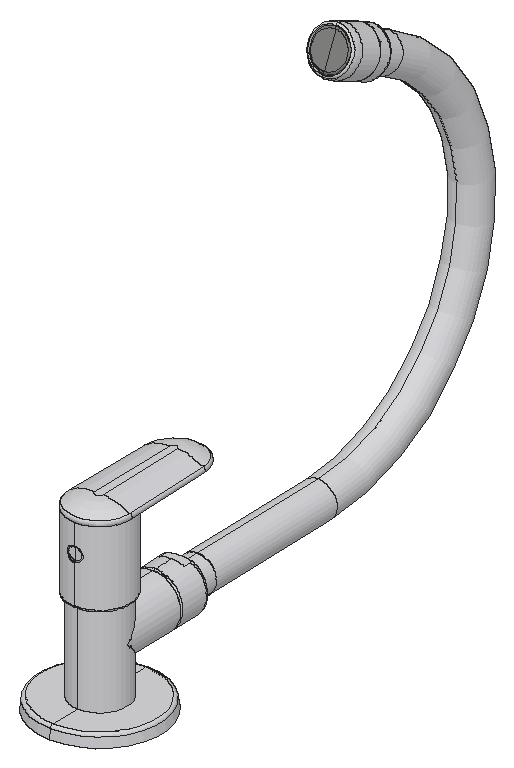
Revit family "Faucet-Wall_Mount-Kitchen-KOHLER-Kumin-K-99482IN_1", category Plumbing Fixtures, host Face, Revit 2017
Family settings
  Host = Face
  Round Connector Dimension = Use Diameter
  Part Type = Normal
  OmniClass Number = 23.31.11.00
  OmniClass Title = Faucets
  Cut with Voids When Loaded = No
  Shared = No
  Room Calculation Point = No
Parameters (values of type "CP-Polished Chrome")
  Width = 2 3/8"  # constant formula
  WaterSense Certified = 1 = 0  # no
  Waste Water Outlet = "Waste Water Outlet"  # constant formula
  Waste Connection = 1 = 0  # no
  Vent Connection = 1 = 0  # no
  URL = "https://www.kohler.co.in/\\"
  Type = 1
  Spout Reach = 7 5/8"  # constant formula
  Product Page URL = "https://www.kohler.co.in/product-detail/99482in-4?skuid=K-99482IN-4-CP"
  Product Name = "Kumin"  # constant formula
  Product Documentation Link = ""
  Pressure = 43.51 psi  # constant formula
  Model = "K-99482IN-4-CP"  # constant formula
  Material = "Premium Metal Construction"  # constant formula
  Master Format 2014 Name = "Residential Faucets, Supplies, and Trim"  # constant formula
  Master Format 2014 = "22 41 39"  # constant formula
  Manufacturer Address = "Ambience Office Tower NH-8 Gurgaon / Gurugram Haryana , 122001\r\n"  # constant formula
  Manufacturer = "KOHLER Co."  # constant formula
  Length = Spout Reach  # 7 5/8"
  Hot Water Inlet = "Hot Water Inlet"  # constant formula
  Height = 10 1/2"  # constant formula
  Handle Clearance = 2 3/8"  # constant formula
  HW Connection = 1 = 0  # no
  Flow Rate = 7.21 GPM  # constant formula
  Finish = Kohler-Metal-CP-Polished_Chrome
  Environmental Product Declaration = ""
  Drain Included = 1 = 1  # yes
  Description = "Wallmount kitchen faucet (cold only)"  # constant formula
  Default Elevation = 36"
  Declare Label = ""
  Date Modified = "05/24/2021"  # constant formula
  Date Created = "05/24/2021"  # constant formula
  Copyright = "Copyright KOHLER Co."  # constant formula
  Contact Us = "https://www.kohler.co.in/contact-us"
  Cold Water Inlet = "Cold Water Inlet"  # constant formula
  CW Connection = 1 = 1  # yes
  Assembly Code = "D2010"
  ADA Compliant = 1 = 0  # no
Reference planes (in)
  plane 1 "Center (Front/Back)": y = 0
  plane 2: z = 0
  plane 3 "Center (Left/Right)": x = 0
  plane 4: x = 1.17421
  plane 5: x = -1.20079
  plane 6: y = 9.29921
  plane 7: x = -0.35433
  plane 8: x = 0.35433
  plane 9: y = 2.375
  plane 10: y = 1.20079
  plane 11: y = -1.20079
  plane 12: z = 8.92815
  plane 13: z = 9.33071
  plane 14: z = 3.74016
  plane 15: z = 1.30315
Dimensions and locks (in)
  plane 12 to level = 8.92815"
  "Width": plane 5 to plane 4
  plane 10 to plane 11 = 2.40157"
  "Handle Clearance": plane 9 to nested 1
  "Spout Reach": plane 15 to plane 12
  plane 13 to level = 9.33071"
  "Height": plane 11 to plane 6
  aligned and locked: plane 2 to host face
  aligned and locked: level to host face
Automatic sketch dimensions
  host sketch curve to host sketch curve = 96"  (x2)
Nested families (in)
  nested 1: "K-99482IN" at (0, 0, 0), type "K-99482IN"
Connectors (in)
  piping at (0, 0, 0), diameter 0.5, driven by "Flow Rate", driven by "Pressure", driven by "CW Connection", driven by "Cold Water Inlet"
    settings: on nested 1, index 1, connector inside diameter 24", connector length 0", flow factor 0, pipe flow 7.21 GPM, pressure drop 43.51 psi, fitting loss kfactor 0, connector angle 0.00°, fixture units 0, engagement length 0", angle of deflection 0.00°, flow configuration 1, flow direction 1, fitting loss method 4, system type 20, joint type 0, gender type 0, connector reference index -1, connector utility 1, adjustable connector no, is connector primary yes, connector description "Cold Water Inlet"
Definition of nested family "K-99482IN"
  Parameters (values of type "K-99482IN")
    Material = none
  Reference planes (in)
    plane 1 "Center (Front/Back)": y = 0
    plane 2: z = 0
    plane 3 "Center (Left/Right)": x = 0
    plane 4: z = 8.94094
    plane 5: z = 1.30315
    plane 6: z = 3.74016
    plane 7: y = 2.3622
    plane 8: y = 1.20079
    plane 9: y = -1.20079
    plane 10: x = -1.20079
    plane 11: x = 1.20079
    plane 12: y = 9.31102
    plane 13: x = -0.35433
    plane 14: x = 0.35433
    plane 15: z = 9.33071
  Forms (in)
    Revolve 1, solid, material <- "Material", detail levels medium+fine
      sketch origin (0, 0, 0) x (0, 1, 0) y (0, 0, 1)
        loop
          line (0, 0) -> (1.20079, 0) -> (1.18187, 0.17996)
          arc (1.18187, 0.17996) -> (1.16143, 0.22008) -> (1.11938, 0.23622) r 0.06283
          line (1.11938, 0.23622) -> (0, 0.23622) -> (0, 0)
        axis (0, 0) -> (0, 0.23622)
      angle from 0 to 360
    Revolve 2, solid, material <- "Material", detail levels medium+fine
      sketch origin (0, 0, 0) x (0, 1, 0) y (0, 0, 1)
        loop
          line (0, 2.01969) -> (-0.52774, 2.01969) -> (-0.52774, 0.14282) -> (0, 0.14282) -> (0, 2.01969)
        axis (0, 0.14282) -> (0, 2.01969)
      angle from 0 to 360
    Revolve 3, solid, material <- "Material", detail levels medium+fine
      sketch origin (0, 0, 0) x (0, 1, 0) y (0, 0, 1)
        loop
          arc (1.34289, 1.83128) -> (1.32593, 1.82426) -> (1.3189, 1.80729) r 0.02399
          line (1.3189, 1.80729) -> (1.3189, 1.73599) -> (1.27953, 1.73599) -> (1.27953, 1.83128) -> (0, 1.83128) -> (0, 1.30315) -> (2.3622, 1.30315) -> (2.3622, 1.65748) -> (1.97638, 1.65748) -> (1.97638, 1.76042)
          arc (1.97638, 1.76042) -> (1.95562, 1.81053) -> (1.90551, 1.83128) r 0.07087
          line (1.90551, 1.83128) -> (1.34289, 1.83128)
        axis (2.3622, 1.30315) -> (0, 1.30315)
      angle from 0 to 360
    Revolve 4, solid, material <- "Material", detail levels medium+fine
      sketch origin (0, 0, 0) x (0, 1, 0) y (0, 0, 1)
        loop
          line (6.45274, 8.5173) -> (6.61359, 8.86224)
          arc (6.61359, 8.86224) -> (6.61596, 8.91654) -> (6.57924, 8.95662) r 0.07102
          line (6.57924, 8.95662) -> (6.37705, 9.0509) -> (6.364, 9.02291) -> (6.32396, 9.04158) -> (6.33874, 9.07328) -> (5.90934, 9.27352)
          arc (5.90934, 9.27352) -> (5.82985, 9.30428) -> (5.74695, 9.32413) r 0.63549
          arc (5.74695, 9.32413) -> (5.72379, 9.32044) -> (5.7076, 9.30347) r 0.03666
          line (5.7076, 9.30347) -> (6.01794, 9.15875) -> (5.84991, 8.79841) -> (6.45274, 8.5173)
        axis (6.45274, 8.5173) -> (5.53956, 8.94313)
      angle from 0 to 360
    Revolve 5, solid, detail levels medium+fine
      sketch origin (0, 0, 0) x (0, 1, 0) y (0, 0, 1)
        loop
          line (5.81515, 9.2441) -> (5.76923, 9.2441) -> (5.71023, 9.26914)
          arc (5.71023, 9.26914) -> (5.69253, 9.26945) -> (5.67959, 9.25738) r 0.02362
          line (5.67959, 9.25738) -> (5.53408, 8.94534) -> (5.79991, 8.82138) -> (5.96454, 9.17444) -> (5.81515, 9.2441)
        axis (5.7999, 8.82138) -> (5.53408, 8.94534)
      angle from 0 to 360
    Sweep 6, solid, material <- "Material"
      path origin (0, 0, 0) x (0, 1, 0) y (0, 0, 1)
        loop
          line (2.3622, 1.30315) -> (5.26834, 1.30315)
          arc (5.26834, 1.30315) -> (8.87318, 4.19633) -> (6.82882, 8.34193) r 3.69237
          line (6.82882, 8.34193) -> (6.18619, 8.6416)
      profile origin (0, 3.81527, 1.30315) x (0, 0, 1) y (1, 0, 0)
        loop
          circle (0, 0) r 0.35433
    Revolve 7, solid, material <- "Material", detail levels medium+fine
      sketch origin (0, 0, 0) x (0, 1, 0) y (0, 0, 1)
        loop
          line (0, 2.01969) -> (0.57983, 2.01969)
          arc (0.57983, 2.01969) -> (0.59513, 2.02602) -> (0.60146, 2.04132) r 0.02163
          line (0.60146, 2.04132) -> (0.60146, 3.50352) -> (0, 3.50352) -> (0, 2.01969)
        axis (0, 3.50352) -> (0, 2.01969)
      angle from 0 to 360
    Sweep 8, solid, material <- "Material", detail levels medium+fine
      path origin (0, 0, 0) x (1, 0, 0) y (0, 1, 0)
        loop
          arc (0.58069, 1.80407) -> (0, 2.37651) -> (-0.58069, 1.80407) r 0.58075
          line (-0.58069, 1.80407) -> (-0.60643, 0.00534)
          arc (-0.60643, 0.00534) -> (0, -0.60982) -> (0.60643, 0.00534) r 0.60649
          line (0.60643, 0.00534) -> (0.58069, 1.80407)
      profile origin (0, 2.37651, 0) x (0, -1, 0) y (0, 0, 1)
        loop
          line (0.03146, 3.47311) -> (0.10139, 3.43274)
          arc (0.10139, 3.43274) -> (0.13051, 3.42068) -> (0.16176, 3.41656) r 0.12073
          line (0.16176, 3.41656) -> (0.38315, 3.41656)
          arc (0.38315, 3.41656) -> (0.4376, 3.43225) -> (0.47537, 3.47449) r 0.10236
          arc (0.47537, 3.47449) -> (0.50575, 3.50848) -> (0.54957, 3.5211) r 0.08237
          line (0.54957, 3.5211) -> (0.58048, 3.5211) -> (0.58048, 3.73061) -> (0.52043, 3.73061)
          arc (0.52043, 3.73061) -> (0.26276, 3.69204) -> (0.02769, 3.57971) r 0.87995
          arc (0.02769, 3.57971) -> (0.00005, 3.52537) -> (0.03146, 3.47311) r 0.06291
    Extrusion 9, solid, material <- "Material", detail levels medium+fine
      sketch origin (0, 0, 0) x (1, 0, 0) y (0, 1, 0)
        loop
          line (0, 1.8151) -> (-0.02601, -0.00296)
          arc (-0.02601, -0.00296) -> (0, -0.02935) -> (0.02601, -0.00296) r 0.02601
          line (0.02601, -0.00296) -> (0, 1.8151)
      from 3.5211 to 3.73061
    Extrusion 10, void
      sketch origin (0, 0, 0) x (1, 0, 0) y (0, 0, 1)
        loop
          circle (0, 2.94255) r 0.14807
      from 0.35383 to 0.75272
    Revolve 11, solid, material <- "Material", detail levels medium+fine
      sketch origin (0, 0, 0) x (0, 1, 0) y (0, 0, 1)
        loop
          arc (-0.56821, 3.08746) -> (-0.58301, 3.08133) -> (-0.58914, 3.06653) r 0.02093
          line (-0.58914, 3.06653) -> (-0.58914, 2.94291) -> (-0.45134, 2.94291) -> (-0.45134, 3.0676) -> (-0.47501, 3.08746) -> (-0.56821, 3.08746)
        axis (-0.58914, 2.94291) -> (-0.45134, 2.94291)
      angle from 0 to 360
    Extrusion 12, void
      sketch origin (0, 0, 0) x (0, 1, 0) y (0, 0, 1)
        loop
          line (1.74016, 1.896) -> (1.74016, 1.77559) -> (2.01681, 1.77559) -> (2.01681, 1.896) -> (1.74016, 1.896)
        loop
          line (1.74016, 0.7103) -> (2.01681, 0.7103) -> (2.01681, 0.83071) -> (1.74016, 0.83071) -> (1.74016, 0.7103)
      from -1.5531 to 1.88919
    Extrusion 13, solid, material <- "Material", detail levels medium+fine
      sketch origin (0, 0, 0) x (1, 0, 0) y (0, 1, 0)
        loop
          circle (0, 0) r 0.11811
      from 0 to 0.0505
    Revolve 14, solid, material <- "Material", detail levels coarse
      sketch origin (0, 0, 0) x (0, 1, 0) y (0, 0, 1)
        loop
          line (0, 3.73859) -> (-0.61782, 3.73859) -> (-0.61782, 2.01301) -> (-0.55335, 2.01301) -> (-0.55335, 0.24136) -> (-1.20079, 0.24136) -> (-1.20079, 0) -> (0, 0) -> (0, 3.73859)
        axis (0, 3.73859) -> (0, 0)
      angle from 0 to 360
    Revolve 15, solid, material <- "Material", detail levels coarse
      sketch origin (0, 0, 0) x (0, 1, 0) y (0, 0, 1)
        loop
          line (2.49102, 1.30315) -> (2.49102, 1.84025) -> (-0.02482, 1.84025) -> (-0.02482, 1.30315) -> (2.49102, 1.30315)
        axis (-0.02482, 1.30315) -> (2.49102, 1.30315)
      angle from 0 to 360
    Revolve 16, solid, material <- "Material", detail levels coarse
      sketch origin (0, 0, 0) x (0, 1, 0) y (0, 0, 1)
        loop
          line (6.46025, 8.5138) -> (6.65622, 8.93404) -> (5.72269, 9.36936) -> (5.52673, 8.94912) -> (6.46025, 8.5138)
        axis (6.46025, 8.5138) -> (5.52673, 8.94912)
      angle from 0 to 360
    Extrusion 17, solid, material <- "Material", detail levels coarse
      sketch origin (0, 0, 0) x (1, 0, 0) y (0, 1, 0)
        loop
          line (0.61782, 0) -> (0.61782, 1.79833)
          arc (0.61782, 1.79833) -> (0, 2.41614) -> (-0.61782, 1.79833) r 0.61782
          line (-0.61782, 1.79833) -> (-0.61782, 0)
          arc (-0.61782, 0) -> (0, -0.61782) -> (0.61782, 0) r 0.61782
      from 3.42642 to 3.73859
  Cuts and joins
    joined: Sweep 8, Extrusion 9
    Extrusion 12 cuts Revolve 3
    joined: Revolve 14, Revolve 15, Revolve 16, Extrusion 17
    Extrusion 10 cuts Revolve 7
    joined: Revolve 1, Revolve 2, Revolve 7
  Lines and regions (in)
    Masking region 1
      outline origin (0, 0, 0) x (0, 1, 0) y (0, 0, 1)
        loop
          line (5.6756, 9.24974) -> (5.39212, 8.64183)
          arc (5.39212, 8.64183) -> (5.38667, 8.62639) -> (5.38431, 8.61018) r 0.08446
          line (5.38431, 8.61018) -> (5.37114, 8.58193)
          arc (5.37114, 8.58193) -> (5.36834, 8.55759) -> (5.38072, 8.53644) r 0.03872
          arc (5.38072, 8.53644) -> (5.43744, 8.49347) -> (5.49964, 8.45892) r 0.50378
          line (5.49964, 8.45892) -> (5.95356, 8.24726) -> (5.96834, 8.27896) -> (6.00839, 8.26029) -> (5.99533, 8.2323) -> (6.20337, 8.13529)
          arc (6.20337, 8.13529) -> (6.25355, 8.13309) -> (6.29058, 8.16703) r 0.06563
          line (6.29058, 8.16703) -> (6.3036, 8.19494) -> (6.67267, 8.02284)
          arc (6.67267, 8.02284) -> (8.52145, 4.27387) -> (5.2615, 1.65748) r 3.3391
          line (5.2615, 1.65748) -> (1.97638, 1.65748) -> (1.97638, 1.77559) -> (1.74016, 1.77559) -> (1.74016, 1.83128) -> (1.34265, 1.83128)
          arc (1.34265, 1.83128) -> (1.32585, 1.82433) -> (1.3189, 1.80753) r 0.02375
          line (1.3189, 1.80753) -> (1.3189, 1.73599) -> (1.27953, 1.73599) -> (1.27953, 1.83128) -> (0.57498, 1.83128)
          arc (0.57498, 1.83128) -> (0.54158, 1.84512) -> (0.52774, 1.87853) r 0.04724
          line (0.52774, 1.87853) -> (0.52774, 2.01969) -> (0.57943, 2.01969)
          arc (0.57943, 2.01969) -> (0.59642, 2.02672) -> (0.60346, 2.04371) r 0.02403
          line (0.60346, 2.04371) -> (0.60346, 3.20057)
          arc (0.60346, 3.20057) -> (0.6667, 3.35325) -> (0.81938, 3.41649) r 0.21592
          line (0.81938, 3.41649) -> (2.20911, 3.41649)
          arc (2.20911, 3.41649) -> (2.24556, 3.42129) -> (2.27953, 3.43536) r 0.14085
          line (2.27953, 3.43536) -> (2.34162, 3.4712)
          arc (2.34162, 3.4712) -> (2.37596, 3.52969) -> (2.34334, 3.58916) r 0.0687
          arc (2.34334, 3.58916) -> (2.10207, 3.69534) -> (1.84099, 3.73166) r 0.95673
          line (1.84099, 3.73166) -> (-0.09117, 3.73166)
          arc (-0.09117, 3.73166) -> (-0.34404, 3.69435) -> (-0.57536, 3.58563) r 0.87574
          arc (-0.57536, 3.58563) -> (-0.59453, 3.56458) -> (-0.60146, 3.53698) r 0.05838
          line (-0.60146, 3.53698) -> (-0.60146, 3.09067)
          arc (-0.60146, 3.09067) -> (-0.59439, 3.05999) -> (-0.58896, 3.02897) r 0.59108
          line (-0.58896, 3.02897) -> (-0.58896, 2.85622)
          arc (-0.58896, 2.85622) -> (-0.59439, 2.82521) -> (-0.60146, 2.79453) r 0.59108
          line (-0.60146, 2.79453) -> (-0.60146, 2.01969) -> (-0.52774, 2.01969) -> (-0.52774, 0.23637) -> (-1.12051, 0.23637)
          arc (-1.12051, 0.23637) -> (-1.16171, 0.22056) -> (-1.18174, 0.18124) r 0.06156
          line (-1.18174, 0.18124) -> (-1.20079, 0) -> (1.20079, 0) -> (1.18174, 0.18124)
          arc (1.18174, 0.18124) -> (1.16171, 0.22056) -> (1.12051, 0.23637) r 0.06156
          line (1.12051, 0.23637) -> (0.52774, 0.23637) -> (0.52774, 0.72777)
          arc (0.52774, 0.72777) -> (0.54158, 0.76118) -> (0.57498, 0.77502) r 0.04724
          line (0.57498, 0.77502) -> (1.27953, 0.77502) -> (1.27953, 0.87031) -> (1.3189, 0.87031) -> (1.3189, 0.79877)
          arc (1.3189, 0.79877) -> (1.32585, 0.78197) -> (1.34265, 0.77502) r 0.02375
          line (1.34265, 0.77502) -> (1.74016, 0.77502) -> (1.74016, 0.83071) -> (1.97638, 0.83071) -> (1.97638, 0.94882) -> (5.2741, 0.94882)
          arc (5.2741, 0.94882) -> (9.22407, 4.11901) -> (6.98396, 8.66151) r 4.04588
          line (6.98396, 8.66151) -> (6.60382, 8.83877) -> (6.61684, 8.86668)
          arc (6.61684, 8.86668) -> (6.61903, 8.91686) -> (6.58509, 8.95389) r 0.06563
          line (6.58509, 8.95389) -> (6.37705, 9.0509) -> (6.364, 9.02291) -> (6.32396, 9.04158) -> (6.33874, 9.07328) -> (5.88483, 9.28495)
          arc (5.88483, 9.28495) -> (5.81838, 9.31039) -> (5.749, 9.32622) r 0.50378
          arc (5.749, 9.32622) -> (5.72485, 9.32211) -> (5.70799, 9.30432) r 0.03872
          line (5.70799, 9.30432) -> (5.69482, 9.27607)
          arc (5.69482, 9.27607) -> (5.68393, 9.26384) -> (5.6756, 9.24974) r 0.08446
    Masking region 2
      outline origin (0, 0, 0) x (1, 0, 0) y (0, 0, 1)
        loop
          line (1.20079, 0) -> (1.18522, 0.1779)
          arc (1.18522, 0.1779) -> (1.16474, 0.21945) -> (1.12157, 0.23623) r 0.0639
          line (1.12157, 0.23623) -> (0.52772, 0.23623) -> (0.52772, 2.01969) -> (0.57834, 2.01969)
          arc (0.57834, 2.01969) -> (0.59594, 2.02698) -> (0.60323, 2.04458) r 0.02489
          line (0.60323, 2.04458) -> (0.60323, 3.53616)
          arc (0.60323, 3.53616) -> (0.59634, 3.56329) -> (0.57735, 3.58385) r 0.05688
          arc (0.57735, 3.58385) -> (0.46931, 3.64456) -> (0.35433, 3.69082) r 0.9589
          line (0.35433, 3.69082) -> (0.35433, 8.28967)
          arc (0.35433, 8.28967) -> (0.43673, 8.43844) -> (0.45202, 8.60782) r 0.41192
          spline (0.45202, 8.60782) -> (0.45261, 8.61217) -> (0.45315, 8.61653) -> (0.45363, 8.62089) -> (0.45407, 8.62525) -> (0.45445, 8.62962) -> (0.45479, 8.63399) -> (0.45507, 8.63837) -> (0.4553, 8.64275) -> (0.45548, 8.64713) -> (0.45561, 8.65151) -> (0.45568, 8.65589) -> (0.45571, 8.66027)
          line (0.45571, 8.66027) -> (0.45571, 8.87158)
          arc (0.45571, 8.87158) -> (0, 9.32729) -> (-0.45571, 8.87158) r 0.45571
          line (-0.45571, 8.87158) -> (-0.45571, 8.66027)
          spline (-0.45571, 8.66027) -> (-0.45568, 8.65589) -> (-0.45561, 8.65151) -> (-0.45548, 8.64713) -> (-0.4553, 8.64275) -> (-0.45507, 8.63837) -> (-0.45479, 8.63399) -> (-0.45445, 8.62962) -> (-0.45407, 8.62525) -> (-0.45363, 8.62089) -> (-0.45315, 8.61653) -> (-0.45261, 8.61217) -> (-0.45202, 8.60782)
          arc (-0.45202, 8.60782) -> (-0.43673, 8.43844) -> (-0.35433, 8.28967) r 0.41192
          line (-0.35433, 8.28967) -> (-0.35433, 3.69082)
          arc (-0.35433, 3.69082) -> (-0.46931, 3.64456) -> (-0.57735, 3.58385) r 0.9589
          arc (-0.57735, 3.58385) -> (-0.59634, 3.56329) -> (-0.60323, 3.53616) r 0.05688
          line (-0.60323, 3.53616) -> (-0.60323, 2.04458)
          arc (-0.60323, 2.04458) -> (-0.59594, 2.02698) -> (-0.57834, 2.01969) r 0.02489
          line (-0.57834, 2.01969) -> (-0.52772, 2.01969) -> (-0.52772, 0.23623) -> (-1.12157, 0.23623)
          arc (-1.12157, 0.23623) -> (-1.16474, 0.21945) -> (-1.18522, 0.1779) r 0.0639
          line (-1.18522, 0.1779) -> (-1.20079, 0) -> (1.20079, 0)
    Masking region 3
      outline origin (0, 0, 0) x (1, 0, 0) y (0, 1, 0)
        loop
          line (0.59222, 1.04459) -> (0.5808, 1.80455)
          arc (0.5808, 1.80455) -> (0.51922, 2.05622) -> (0.35433, 2.25609) r 0.58086
          line (0.35433, 2.25609) -> (0.35433, 5.45127)
          arc (0.35433, 5.45127) -> (0.40153, 5.48918) -> (0.43056, 5.54231) r 0.15459
          arc (0.43056, 5.54231) -> (0.44957, 5.62456) -> (0.45596, 5.70875) r 0.55794
          line (0.45596, 5.70875) -> (0.45596, 6.14549)
          arc (0.45596, 6.14549) -> (0.45453, 6.16109) -> (0.4503, 6.17618) r 0.08597
          arc (0.4503, 6.17618) -> (0.45145, 6.19384) -> (0.45184, 6.21153) r 0.40708
          line (0.45184, 6.21153) -> (0.45184, 6.37769)
          arc (0.45184, 6.37769) -> (0.42552, 6.47107) -> (0.35433, 6.53698) r 0.17887
          line (0.35433, 6.53698) -> (0.35433, 8.96107)
          arc (0.35433, 8.96107) -> (0, 9.3154) -> (-0.35433, 8.96107) r 0.35433
          line (-0.35433, 8.96107) -> (-0.35433, 6.53698)
          arc (-0.35433, 6.53698) -> (-0.42552, 6.47107) -> (-0.45184, 6.37769) r 0.17887
          line (-0.45184, 6.37769) -> (-0.45184, 6.21153)
          arc (-0.45184, 6.21153) -> (-0.45145, 6.19384) -> (-0.4503, 6.17618) r 0.40708
          arc (-0.4503, 6.17618) -> (-0.45453, 6.16109) -> (-0.45596, 6.14549) r 0.08597
          line (-0.45596, 6.14549) -> (-0.45596, 5.70875)
          arc (-0.45596, 5.70875) -> (-0.44957, 5.62456) -> (-0.43056, 5.54231) r 0.55794
          arc (-0.43056, 5.54231) -> (-0.40153, 5.48918) -> (-0.35433, 5.45127) r 0.15459
          line (-0.35433, 5.45127) -> (-0.35433, 2.25609)
          arc (-0.35433, 2.25609) -> (-0.51922, 2.05622) -> (-0.5808, 1.80455) r 0.58086
          line (-0.5808, 1.80455) -> (-0.59222, 1.04459)
          arc (-0.59222, 1.04459) -> (0, -1.20079) -> (0.59222, 1.04459) r 1.20079
    symbolic lines, detail levels medium+fine
      curve 1: line (0, 0.52774, 2.01969) -> (0, -0.52774, 2.01969)
      curve 2: line (0, 1.27953, 1.73599) -> (0, 1.27953, 0.87031)
      curve 3: line (0, 1.3189, 1.73599) -> (0, 1.3189, 0.87031)
      curve 4: line (0, 1.97638, 1.65748) -> (0, 1.97638, 0.94882)
      curve 5: line (0, 6.60382, 8.83877) -> (0, 6.3036, 8.19494)
      curve 6: line (0, 6.364, 9.02291) -> (0, 6.00838, 8.26029)
      curve 7: line (0, 5.96834, 8.27896) -> (0, 6.32396, 9.04158)
      curve 8: line (0, 5.749, 9.32622) -> (0, 5.38072, 8.53644)
      curve 9: line (0, 5.69482, 9.27607) -> (0, 5.38431, 8.61018)
      curve 10: line (0, 6.58509, 8.95389) -> (0, 6.20337, 8.13529)
      curve 11: line (0, 6.98396, 8.66151) -> (0, 6.68178, 8.01857)
      curve 12: line (0, 5.2615, 1.65748) -> (0, 5.2615, 0.94884)
      curve 13: line (0, 2.34334, 3.58916) -> (0, -0.56999, 3.58916)
      curve 14: line (0, 2.34162, 3.4712) -> (0, 0.6816, 3.4712)
      curve 15: line (0, -0.09117, 3.73166) -> (0, -0.09117, 3.43786)
      curve 16: arc (0, -0.09117, 3.43786) -> (0, -0.04921, 3.27758) -> (0, 0.06588, 3.15842) r 0.32713
      curve 17: arc (0, 0.06588, 3.15842) -> (0, 0.32658, 3.02364) -> (0, 0.60346, 2.92634) r 2.11004
      curve 18: arc (0, 0.6816, 3.4712) -> (0, 0.37642, 3.3584) -> (0, 0.21797, 3.07424) r 0.46923
      curve 19: arc (0, 0.37642, 3.3584) -> (0, 0.46699, 3.24647) -> (0, 0.60346, 3.20057) r 0.25778
      curve 20: line (0, 1.18174, 0.18124) -> (0, -1.18174, 0.18124)
      curve 21: line (0, 0.52774, 0.23637) -> (0, -0.52774, 0.23637)
      curve 22: line (0, 0.52774, 1.87853) -> (0, 0.07442, 1.37796)
      curve 23: line (0, 0.07442, 1.22902) -> (0, 0.52774, 0.72777)
      curve 24: arc (0, 0.07442, 1.37796) -> (0, 0.04357, 1.30349) -> (0, 0.07442, 1.22902) r 0.10532
      curve 25: line (0, 0.57498, 1.83128) -> (0, 0.07442, 1.37796)
      curve 26: line (0, 0.57498, 0.77502) -> (0, 0.07442, 1.22902)
      curve 27: spline (-0.45571, 0, 8.66027) -> (-0.44018, 0, 8.76717) -> (-0.39466, 0, 8.86678) -> (-0.32223, 0, 8.95232) -> (-0.22785, 0, 9.01795) -> (-0.11795, 0, 9.05921) -> (0, 0, 9.07328) -> (0.11795, 0, 9.05921) -> (0.22785, 0, 9.01795) -> (0.32223, 0, 8.95232) -> (0.39466, 0, 8.86678) -> (0.44018, 0, 8.76717) -> (0.45571, 0, 8.66027)
      curve 28: spline (-0.45162, 0, 8.6416) -> (-0.43623, 0, 8.74753) -> (-0.39111, 0, 8.84625) -> (-0.31934, 0, 8.93102) -> (-0.22581, 0, 8.99606) -> (-0.11689, 0, 9.03695) -> (0, 0, 9.0509) -> (0.11689, 0, 9.03695) -> (0.22581, 0, 8.99606) -> (0.31934, 0, 8.93102) -> (0.39111, 0, 8.84625) -> (0.43623, 0, 8.74753) -> (0.45162, 0, 8.6416)
      curve 29: line (0.35433, 0, 8.28967) -> (0.35433, 0, 8.48819)
      curve 30: line (-0.35433, 0, 8.28967) -> (-0.35433, 0, 8.48819)
      curve 31: arc (0.45162, 0, 8.6416) -> (0.45172, 0, 8.62471) -> (0.45202, 0, 8.60782) r 1.41464
      curve 32: arc (-0.45202, 0, 8.60782) -> (-0.45172, 0, 8.62471) -> (-0.45162, 0, 8.6416) r 1.41464
      curve 33: arc (0.35433, 0, 8.48819) -> (0, 0, 8.84252) -> (-0.35433, 0, 8.48819) r 0.35433
      curve 34: arc (0.45387, 0, 8.53047) -> (0.42714, 0, 8.6723) -> (0.35433, 0, 8.79692) r 0.42348
      curve 35: arc (-0.45387, 0, 8.53047) -> (-0.42175, 0, 8.68599) -> (-0.33462, 0, 8.81874) r 0.42348
      curve 36: arc (0.35433, 0, 8.79692) -> (0.01472, 0, 8.96149) -> (-0.33462, 0, 8.81874) r 0.46319
      curve 37: arc (-0.35433, 0, 1.69478) -> (0, 0, 0.77502) -> (0.35433, 0, 1.69478) r 0.52813
      curve 38: line (0.23606, 0, 0.83071) -> (-0.23606, 0, 0.83071)
      curve 39: arc (-0.35433, 0, 1.30315) -> (0, 0, 0.94882) -> (0.35433, 0, 1.30315) r 0.35433
      curve 40: line (0.35433, 0, 2.01969) -> (0.52774, 0, 2.01969)
      curve 41: line (-0.52772, 0, 2.01969) -> (-0.35433, 0, 2.01969)
      curve 42: line (0.35433, 0, 1.30315) -> (0.35433, 0, 3.69082)
      curve 43: line (-0.35433, 0, 1.30315) -> (-0.35433, 0, 3.69082)
      curve 44: line (0.44262, 0, 3.41691) -> (0.35433, 0, 3.41691)
      curve 45: line (0.56582, 0, 3.46992) -> (0.50119, 0, 3.43261)
      curve 46: arc (0.50119, 0, 3.43261) -> (0.47293, 0, 3.4209) -> (0.44262, 0, 3.41691) r 0.11714
      curve 47: arc (0.56582, 0, 3.46992) -> (0.59357, 0, 3.49794) -> (0.60323, 0, 3.53616) r 0.07483
      curve 48: line (-0.44262, 0, 3.41691) -> (-0.35433, 0, 3.41691)
      curve 49: line (-0.56582, 0, 3.46992) -> (-0.50119, 0, 3.43261)
      curve 50: arc (-0.50119, 0, 3.43261) -> (-0.47293, 0, 3.4209) -> (-0.44262, 0, 3.41691) r 0.11714
      curve 51: arc (-0.56582, 0, 3.46992) -> (-0.59357, 0, 3.49794) -> (-0.60323, 0, 3.53616) r 0.07483
      curve 52: line (0.52772, 0, 0.23623) -> (-0.52772, 0, 0.23623)
      curve 53: line (1.18522, 0, 0.1779) -> (-1.18522, 0, 0.1779)
      curve 54: arc (-0.60146, 0, 0) -> (0, -0.60146, 0) -> (0.60146, 0, 0) r 0.60146
      curve 55: arc (-0.59286, 0.97264, 0) -> (0, -1.13908, 0) -> (0.59286, 0.97264, 0) r 1.13908
      curve 56: line (0.60146, 0, 0) -> (0.59286, 0.97264, 0)
      curve 57: line (-0.59286, 0.97264, 0) -> (-0.60146, 0, 0)
      curve 58: line (-0.59286, 0.97264, 0) -> (-0.59222, 1.04459, 0)
      curve 59: line (0.59286, 0.97264, 0) -> (0.59222, 1.04459, 0)
      curve 60: arc (0.35433, 2.25609, 0) -> (0, 2.37668, 0) -> (-0.35433, 2.25609, 0) r 0.58086
      curve 61: spline (0, 5.37153, 0) -> (-0.10291, 5.37726, 0) -> (-0.1988, 5.39404, 0) -> (-0.28114, 5.42075, 0) -> (-0.34433, 5.45555, 0) -> (-0.38405, 5.49607, 0) -> (-0.39759, 5.53956, 0) -> (-0.38405, 5.58305, 0) -> (-0.34433, 5.62358, 0) -> (-0.28114, 5.65838, 0) -> (-0.1988, 5.68508, 0) -> (-0.10291, 5.70187, 0) -> (0, 5.7076, 0)
      curve 62: spline (0, 5.7076, 0) -> (0.10291, 5.70187, 0) -> (0.1988, 5.68508, 0) -> (0.28114, 5.65838, 0) -> (0.34433, 5.62358, 0) -> (0.38405, 5.58305, 0) -> (0.39759, 5.53956, 0) -> (0.38405, 5.49607, 0) -> (0.34433, 5.45555, 0) -> (0.28114, 5.42075, 0) -> (0.1988, 5.39404, 0) -> (0.10291, 5.37726, 0) -> (0, 5.37153, 0)
      curve 63: arc (-0.30336, 5.45764, 0) -> (0.00075, 5.38466, 0) -> (0.30486, 5.45764, 0) r 0.67005
      curve 64: arc (-0.36823, 5.53874, 0) -> (-0.34454, 5.49119, 0) -> (-0.30336, 5.45764, 0) r 0.12595
      curve 65: line (-0.36823, 5.53874, 0) -> (-0.36823, 5.60294, 0)
      curve 66: arc (0.36823, 5.53874, 0) -> (0.34454, 5.49119, 0) -> (0.30336, 5.45764, 0) r 0.12595
      curve 67: line (0.36823, 5.53874, 0) -> (0.36823, 5.60294, 0)
      curve 68: arc (-0.29486, 5.60825, 0) -> (-0.34008, 5.55837, 0) -> (-0.34454, 5.49119, 0) r 0.10238
      curve 69: arc (0.29486, 5.60825, 0) -> (0.34008, 5.55837, 0) -> (0.34454, 5.49119, 0) r 0.10238
      curve 70: arc (0.29486, 5.60825, 0) -> (0, 5.68344, 0) -> (-0.29486, 5.60825, 0) r 0.61575
      curve 71: arc (-0.35433, 5.45127, 0) -> (0, 5.36464, 0) -> (0.35433, 5.45127, 0) r 0.76797
      curve 72: spline (-0.45138, 6.19232, 0) -> (-0.43294, 6.24051, 0) -> (-0.38619, 6.28514, 0) -> (-0.31417, 6.3233, 0) -> (-0.22161, 6.3525, 0) -> (-0.11455, 6.37081, 0) -> (0, 6.37705, 0) -> (0.11455, 6.37081, 0) -> (0.22161, 6.3525, 0) -> (0.31417, 6.3233, 0) -> (0.38619, 6.28514, 0) -> (0.43294, 6.24051, 0) -> (0.45138, 6.19232, 0)
      curve 73: spline (-0.45027, 6.17582, 0) -> (-0.42126, 6.2196, 0) -> (-0.36878, 6.25929, 0) -> (-0.29575, 6.29267, 0) -> (-0.20624, 6.31789, 0) -> (-0.10523, 6.33353, 0) -> (0.00164, 6.33874, 0) -> (0.10842, 6.33321, 0) -> (0.20915, 6.31726, 0) -> (0.29823, 6.29177, 0) -> (0.3707, 6.25817, 0) -> (0.4225, 6.21832, 0) -> (0.45076, 6.17445, 0)
      curve 74: spline (-0.40487, 6.23454, 0) -> (-0.37097, 6.27008, 0) -> (-0.31983, 6.30171, 0) -> (-0.25385, 6.32799, 0) -> (-0.17608, 6.34768, 0) -> (-0.09013, 6.35987, 0) -> (0, 6.364, 0) -> (0.09013, 6.35987, 0) -> (0.17608, 6.34768, 0) -> (0.25385, 6.32799, 0) -> (0.31983, 6.30171, 0) -> (0.37097, 6.27008, 0) -> (0.40487, 6.23454, 0)
      curve 75: arc (0.35433, 6.53698, 0) -> (0, 6.62223, 0) -> (-0.35433, 6.53698, 0) r 0.77898
      curve 76: arc (-0.35433, 5.65886, 0) -> (0, 5.73815, 0) -> (0.35433, 5.65886, 0) r 0.83138
      curve 77: arc (-0.43056, 5.54231, 0) -> (-0.40893, 5.61137, 0) -> (-0.35433, 5.65886, 0) r 0.13293
      curve 78: arc (0.35433, 5.65886, 0) -> (0.40893, 5.61137, 0) -> (0.43056, 5.54231, 0) r 0.13293
      curve 79: arc (-0.35433, 5.86677, 0) -> (0, 5.95355, 0) -> (0.35433, 5.86677, 0) r 0.76676
      curve 80: arc (-0.45596, 5.74872, 0) -> (-0.41649, 5.81751, 0) -> (-0.35433, 5.86677, 0) r 0.21018
      curve 81: arc (0.45596, 5.74872, 0) -> (0.41649, 5.81751, 0) -> (0.35433, 5.86677, 0) r 0.21018
      curve 82: line (-0.56097, -0.00399, 0) -> (-0.56097, 1.78779, 0)
      curve 83: line (0.56097, -0.00399, 0) -> (0.56097, 1.78779, 0)
      curve 84: arc (-0.56097, 1.78779, 0) -> (0, 2.34875, 0) -> (0.56097, 1.78779, 0) r 0.56097
      curve 85: arc (0.56097, -0.00399, 0) -> (0, -0.56496, 0) -> (-0.56097, -0.00399, 0) r 0.56097
  Dimensions and locks (in)
    plane 4 to plane 5 = 7.6378"
    plane 6 to level = 3.74016"
    plane 7 to plane 1 "Center (Front/Back)" = 2.3622"
    plane 9 to plane 12 = 10.51181"
    plane 4 to level = 8.94094"
    plane 13 to plane 14 = 0.70866"
    plane 15 to level = 9.33071"
    aligned and locked: plane 2 to level
